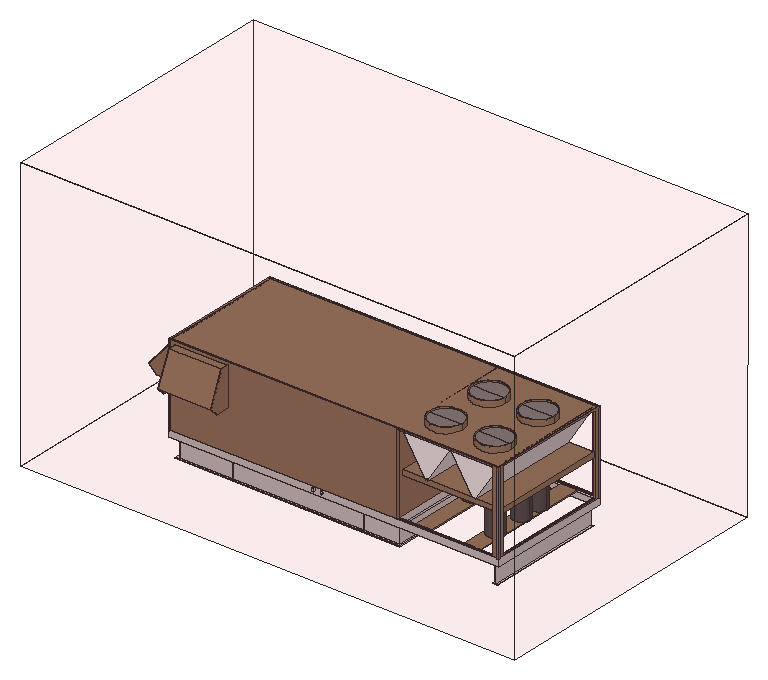
Revit family (continued)
Definition of nested family "Commercial_Comfort_Systems-Series_40-JCI-Condenser_Coil"
  Lines and regions (in)
    model lines, style "Condenser Coil", detail levels medium
      curve 21: line (-17.75, 42, 1) -> (-17.75, -42, 1)
      curve 22: line (-15.75, 42, 1) -> (-15.75, -42, 1)
      curve 23: line (15.75, 42, 1) -> (15.75, -42, 1)
      curve 24: line (17.75, 42, 1) -> (17.75, -42, 1)
      curve 25: line (0, -42, 24.86007) -> (0, 42, 24.86007)
  Dimensions and locks (in)
    "Height": plane 6 "Top" to plane 2 "Bottom"
    equal spacing: plane 8 "Back", plane 1 "Center (Front/Back)", plane 7 "Front"
    "Depth": plane 8 "Back" to plane 7 "Front"
    equal spacing: plane 5 "Right", plane 10, plane 3 "Center (Left/Right)", plane 9, plane 4
    "Width": plane 5 "Right" to plane 4
    equal spacing: plane 18, plane 5 "Right", plane 17
    equal spacing: plane 12, plane 10, plane 11
    equal spacing: plane 14, plane 3 "Center (Left/Right)", plane 13
    equal spacing: plane 16, plane 9, plane 15
    equal spacing: plane 19, plane 4, plane 20
    "Thickness": plane 20 to plane 19
    "Thickness": plane 15 to plane 16
    "Thickness": plane 13 to plane 14
    "Thickness": plane 11 to plane 12
    "Thickness": plane 18 to plane 17
    locked: plane 6 "Top" to plane 21 "Top Inset" at 1
    locked: plane 22 "Bottom Inset" to plane 2 "Bottom" at 1
    locked: plane 6 "Top" to plane 23 "Top of Angle" at 2.51493
    aligned and locked: level to plane 2 "Bottom"
    aligned and locked: plane 22 "Bottom Inset" to Extrusion 1 sketch curve  (x3)
    aligned and locked: plane 16 to Extrusion 1 sketch curve
    aligned and locked: plane 12 to Extrusion 1 sketch curve
    aligned and locked: plane 21 "Top Inset" to Extrusion 1 sketch curve  (x2)
    aligned and locked: plane 15 to Extrusion 1 sketch curve
    aligned and locked: plane 11 to Extrusion 1 sketch curve
    aligned and locked: Extrusion 1 sketch curve to plane 22 "Bottom Inset"
    aligned and locked: Extrusion 1 to plane 8 "Back"
    aligned and locked: Extrusion 1 to plane 7 "Front"
    aligned and locked: plane 19 to Masking region 1 sketch curve
    aligned and locked: plane 18 to Masking region 1 sketch curve
    aligned and locked: plane 8 "Back" to Masking region 1 sketch curve
    aligned and locked: plane 7 "Front" to Masking region 1 sketch curve
    aligned and locked: plane 2 "Bottom" to Masking region 2 sketch curve  (x2)
    aligned and locked: plane 16 to Masking region 2 sketch curve
    aligned and locked: plane 12 to Masking region 2 sketch curve
    aligned and locked: plane 11 to Masking region 2 sketch curve
    aligned and locked: plane 18 to Masking region 2 sketch curve
    aligned and locked: Masking region 2 sketch curve to plane 6 "Top"
    aligned and locked: plane 21 "Top Inset" to Masking region 2 sketch curve  (x2)
    aligned and locked: plane 22 "Bottom Inset" to Masking region 2 sketch curve  (x4)
    aligned and locked: plane 3 "Center (Left/Right)" to Masking region 2 sketch curve
    aligned and locked: plane 15 to Masking region 2 sketch curve
    aligned and locked: plane 19 to Masking region 2 sketch curve
    aligned and locked: plane 18 to Extrusion 1 sketch curve
    aligned and locked: plane 19 to Extrusion 1 sketch curve
    aligned and locked: Extrusion 1 sketch curve to plane 6 "Top"
    aligned and locked: plane 18 to curve 6
    aligned and locked: plane 18 to curve 1
    aligned and locked: plane 6 "Top" to curve 5
    aligned and locked: plane 6 "Top" to curve 7
    aligned and locked: plane 21 "Top Inset" to curve 7
    aligned and locked: plane 21 "Top Inset" to curve 5
    aligned and locked: plane 19 to curve 6
    aligned and locked: plane 19 to curve 1
    aligned and locked: curve 1 to plane 6 "Top"
    aligned and locked: curve 6 to plane 6 "Top"
    aligned and locked: plane 15 to curve 2
    aligned and locked: plane 12 to curve 3
    aligned and locked: plane 11 to curve 3
    aligned and locked: plane 11 to curve 10
    aligned and locked: curve 3 to plane 22 "Bottom Inset"
    aligned and locked: curve 10 to plane 22 "Bottom Inset"
    aligned and locked: plane 18 to curve 11
    aligned and locked: plane 22 "Bottom Inset" to curve 11
    aligned and locked: plane 12 to curve 12
    aligned and locked: plane 15 to curve 14
    aligned and locked: plane 22 "Bottom Inset" to curve 2
    aligned and locked: plane 19 to curve 13
    aligned and locked: plane 16 to curve 13
    aligned and locked: plane 3 "Center (Left/Right)" to curve 14
    aligned and locked: plane 18 to curve 15
    aligned and locked: plane 22 "Bottom Inset" to curve 15
    aligned and locked: plane 3 "Center (Left/Right)" to curve 17
    aligned and locked: plane 22 "Bottom Inset" to curve 17
    aligned and locked: plane 16 to curve 18
    aligned and locked: plane 19 to curve 18
    aligned and locked: plane 21 "Top Inset" to curve 18
    aligned and locked: plane 8 "Back" to curve 19
    aligned and locked: plane 8 "Back" to curve 24
    aligned and locked: plane 8 "Back" to curve 23
    aligned and locked: plane 8 "Back" to curve 22
    aligned and locked: plane 8 "Back" to curve 21
    aligned and locked: plane 8 "Back" to curve 20
    aligned and locked: plane 7 "Front" to curve 19
    aligned and locked: plane 7 "Front" to curve 24
    aligned and locked: plane 7 "Front" to curve 23
    aligned and locked: plane 7 "Front" to curve 22
    aligned and locked: plane 7 "Front" to curve 21
    aligned and locked: plane 7 "Front" to curve 20
    aligned and locked: plane 18 to curve 19
    aligned and locked: plane 11 to curve 24
    aligned and locked: curve 23 to plane 12
    aligned and locked: plane 15 to curve 22
    aligned and locked: curve 21 to plane 16
    aligned and locked: curve 20 to plane 19
    aligned and locked: plane 8 "Back" to curve 25
    aligned and locked: plane 7 "Front" to curve 25
    aligned and locked: curve 25 to plane 23 "Top of Angle"
    aligned and locked: Masking region 3 sketch curve to plane 6 "Top"
    aligned and locked: plane 8 "Back" to Masking region 3 sketch curve
    aligned and locked: plane 2 "Bottom" to Masking region 3 sketch curve
    aligned and locked: plane 7 "Front" to Masking region 3 sketch curve
  Automatic sketch dimensions
    Masking region 2 sketch curve to plane 21 "Top Inset" = 1.51493"
    Extrusion 1 sketch curve to plane 3 "Center (Left/Right)" = 0"
    Extrusion 1 sketch curve to plane 21 "Top Inset" = 1.51493"
    curve 13 to plane 22 "Bottom Inset" = 0"
    curve 8 to plane 21 "Top Inset" = 0"
    plane 21 "Top Inset" to curve 12 = 1.51493"
    curve 16 to plane 21 "Top Inset" = 1.51493"
Definition of nested family "Commercial_Comfort_Systems-Series_40-JCI-Compressor"
  Parameters (values of type "Compressor")
    Model = "Compressor"  # constant formula
    Manufacturer = "York"  # constant formula
    Cylinder Material = Metal - JCI - Cast Iron - Coated Black
    Assembly Code = ""
  Reference planes (in)
    plane 1 "Center (Front/Back)": y = 0
    plane 2 "Compressor Bottom": z = 0
    plane 3 "Center (Left/Right)": x = 0
    plane 4 "Compressor Top": z = 20
  Forms (in)
    Sweep 1, solid, material "Metal - JCI - Cast Iron - Coated Black" <- "Cylinder Material", detail levels fine
      path origin (0, 0, 0) x (1, 0, 0) y (0, 0, 1)
        loop
          line (0, 0) -> (0, 20)
      profile origin (0, 0, 10) x (-1, 0, 0) y (0, -1, 0)
        loop
          circle (0, 0) r 6
  Lines and regions (in)
    Masking region 1, detail levels fine
      outline origin (0, 0, 0) x (1, 0, 0) y (0, 0, 1)
        loop
          line (-6, 20) -> (-6, 0) -> (6, 0) -> (6, 20) -> (-6, 20)
    Masking region 2, detail levels fine
      outline origin (0, 0, 0) x (0, 1, 0) y (0, 0, 1)
        loop
          line (6, 20) -> (-6, 20) -> (-6, 0) -> (6, 0) -> (6, 20)
    model lines, style "Compressor Fine", detail levels medium
      curve 1: circle (0, 0, 20) r 6 normal (0, 0, 1)
      curve 2: circle (0, 0, 0) r 6 normal (0, 0, 1)
      curve 3: line (0, 6, 20) -> (0, 6, 0)
      curve 4: line (0, -6, 20) -> (0, -6, 0)
      curve 5: line (-6, 0, 20) -> (-6, 0, 0)
      curve 6: line (6, 0, 20) -> (6, 0, 0)
  Dimensions and locks (in)
    locked: curve 3 to plane 1 "Center (Front/Back)" at 6
    locked: plane 1 "Center (Front/Back)" to curve 4 at 6
    locked: curve 5 to plane 3 "Center (Left/Right)" at 6
    locked: plane 3 "Center (Left/Right)" to curve 6 at 6
    aligned and locked: plane 1 "Center (Front/Back)" to Sweep 1
    aligned and locked: curve 1 to Sweep 1
    aligned and locked: curve 2 to Sweep 1
    aligned and locked: plane 4 "Compressor Top" to curve 3
    aligned and locked: plane 4 "Compressor Top" to curve 4
    aligned and locked: plane 2 "Compressor Bottom" to curve 4
    aligned and locked: plane 2 "Compressor Bottom" to curve 3
    aligned and locked: plane 4 "Compressor Top" to curve 5
    aligned and locked: plane 4 "Compressor Top" to curve 6
    aligned and locked: plane 2 "Compressor Bottom" to curve 6
    aligned and locked: plane 2 "Compressor Bottom" to curve 5
    aligned and locked: Masking region 1 sketch curve to curve 5
    aligned and locked: Masking region 1 sketch curve to curve 1
    aligned and locked: curve 2 to Masking region 1 sketch curve
    aligned and locked: Masking region 1 sketch curve to curve 6
    aligned and locked: Masking region 2 sketch curve to plane 4 "Compressor Top"
    aligned and locked: plane 2 "Compressor Bottom" to Masking region 2 sketch curve
    aligned and locked: Masking region 2 sketch curve to curve 4
    aligned and locked: Masking region 2 sketch curve to curve 3
Definition of nested family "Commercial_Comfort_Systems-Series_40-JCI-Condenser_Fan_1"
  Parameters (values of type "Fan")
    Radius 2 = Radius - 1/4"  # 14 3/4"
    Radius = if(1 = 1, Diameter / 2, 1")  # 15"
    Height = 4"  # constant formula
    Frame Material = Paint - JCI - Powder Coated - Champagne
    Fan Blade Cover Material = Metal - JCI - Steel - Galvanized With Wood Nailer
    Diameter = 30"
    Assembly Code = ""
    30 inch fan = Diameter = 30"  # yes
  Reference planes (in)
    plane 1 "Center (Front/Back)": y = 0
    plane 2 "Bottom": z = 0
    plane 3 "Center (Left/Right)": x = 0
    plane 4 "Back": y = 15
    plane 5 "Front": y = -15
    plane 6 "Left": x = -15
    plane 7 "Right": x = 15
    plane 8 "Top": z = 4
    plane 9 "Right Inset": x = 14.75
    plane 10 "Top Inset": z = 3.5
  Forms (in)
    Revolve 1, solid, material "Metal - JCI - Steel - Galvanized With Wood Nailer" <- "Fan Blade Cover Material", detail levels fine
      sketch origin (0, 0, 0) x (1, 0, 0) y (0, 0, 1)
        loop
          line (0, 3.5) -> (0, 0) -> (14.75, 0) -> (14.75, 3.5) -> (0, 3.5)
        axis (0, 3.5) -> (0, 0)
      angle from 0 to 360
    Revolve 2, solid, material "Paint - JCI - Powder Coated - Champagne" <- "Frame Material", detail levels fine
      sketch origin (0, 0, 0) x (1, 0, 0) y (0, 0, 1)
        loop
          line (14.75, 0) -> (15, 0) -> (15, 4) -> (14.75, 4) -> (14.75, 0)
        axis (0, 4) -> (0, 0)
      angle from 0 to 360
    Revolve 3, solid, material "Paint - JCI - Powder Coated - Champagne" <- "Frame Material", detail levels medium
      sketch origin (0, 0, 0) x (1, 0, 0) y (0, 0, 1)
        loop
          line (0, 4) -> (0, 0) -> (15, 0) -> (15, 4) -> (0, 4)
        axis (0, 4) -> (0, 0)
      angle from 0 to 360
  Lines and regions (in)
    Masking region 1
      outline origin (0, 0, 0) x (1, 0, 0) y (0, 1, 0)
        loop
          circle (0, 0) r 15
    Masking region 2
      outline origin (0, 0, 0) x (1, 0, 0) y (0, 0, 1)
        loop
          line (-15, 4) -> (-15, 0) -> (15, 0) -> (15, 4) -> (-15, 4)
    Masking region 3
      outline origin (0, 0, 0) x (0, 1, 0) y (0, 0, 1)
        loop
          line (-15, 4) -> (-15, 0) -> (15, 0) -> (15, 4) -> (-15, 4)
    model lines, style "Fan Fine", detail levels coarse
      curve 1: circle (0, 0, 0) r 15 normal (0, 0, 1)
      curve 2: circle (0, 0, 4) r 15 normal (0, 0, 1)
      curve 3: line (15, 0, 4) -> (15, 0, 0)
      curve 4: line (-15, 0, 4) -> (-15, 0, 0)
      curve 5: line (0, 15, 4) -> (0, 15, 0)
      curve 6: line (0, -15, 4) -> (0, -15, 0)
    symbolic lines, style "Fan Fine", detail levels fine
      curve 7: circle (0, 0, 0) r 14.75 normal (0, 0, 1)
  Dimensions and locks (in)
    equal spacing: plane 5 "Front", plane 1 "Center (Front/Back)", plane 4 "Back"
    "Diameter": plane 5 "Front" to plane 4 "Back"
    equal spacing: plane 6 "Left", plane 3 "Center (Left/Right)", plane 7 "Right"
    "Diameter": plane 6 "Left" to plane 7 "Right"
    "Height": plane 8 "Top" to plane 2 "Bottom"
    locked: plane 9 "Right Inset" to plane 7 "Right" at 0.25
    locked: plane 8 "Top" to plane 10 "Top Inset" at 0.5
    "Radius": plane 3 "Center (Left/Right)" to curve 1
    "Radius": curve 1 to plane 1 "Center (Front/Back)"
    "Radius": curve 2 to plane 1 "Center (Front/Back)"
    "Radius": plane 3 "Center (Left/Right)" to curve 2
    "Radius": plane 3 "Center (Left/Right)" to Masking region 1 sketch curve
    "Radius": plane 1 "Center (Front/Back)" to Masking region 1 sketch curve
    "Radius 2": plane 3 "Center (Left/Right)" to curve 7
    "Radius 2": plane 1 "Center (Front/Back)" to curve 7
    "Radius": radius of curve 1
    "Radius": radius of curve 2
    "Radius": radius of Masking region 1 sketch curve
    "Radius 2": radius of curve 7
    aligned and locked: Revolve 1 sketch curve to plane 3 "Center (Left/Right)"
    aligned and locked: Revolve 1 sketch curve to Revolve 1 sketch curve
    aligned and locked: plane 2 "Bottom" to Revolve 1 sketch curve
    aligned and locked: Revolve 2 sketch curve to plane 3 "Center (Left/Right)"
    aligned and locked: Revolve 2 sketch curve to plane 8 "Top"
    aligned and locked: plane 2 "Bottom" to Revolve 2 sketch curve
    aligned and locked: plane 7 "Right" to Revolve 2 sketch curve
    aligned and locked: Revolve 2 sketch curve to plane 9 "Right Inset"
    aligned and locked: plane 9 "Right Inset" to Revolve 1 sketch curve
    aligned and locked: Revolve 1 sketch curve to plane 10 "Top Inset"
    aligned and locked: Revolve 3 sketch curve to plane 3 "Center (Left/Right)"
    aligned and locked: Revolve 3 sketch curve to Revolve 3 sketch curve
    aligned and locked: plane 2 "Bottom" to Revolve 3 sketch curve
    aligned and locked: plane 7 "Right" to Revolve 3 sketch curve
    aligned and locked: Revolve 3 sketch curve to plane 8 "Top"
    aligned and locked: plane 2 "Bottom" to curve 3
    aligned and locked: plane 2 "Bottom" to curve 4
    aligned and locked: plane 8 "Top" to curve 3
    aligned and locked: plane 8 "Top" to curve 4
    aligned and locked: plane 7 "Right" to curve 3
    aligned and locked: curve 4 to plane 6 "Left"
    aligned and locked: plane 2 "Bottom" to curve 5
    aligned and locked: plane 8 "Top" to curve 5
    aligned and locked: plane 2 "Bottom" to curve 6
    aligned and locked: plane 8 "Top" to curve 6
    aligned and locked: curve 5 to plane 4 "Back"
    aligned and locked: plane 5 "Front" to curve 6
    aligned and locked: Masking region 2 sketch curve to plane 8 "Top"
    aligned and locked: plane 2 "Bottom" to Masking region 2 sketch curve
    aligned and locked: plane 7 "Right" to Masking region 2 sketch curve
    aligned and locked: plane 6 "Left" to Masking region 2 sketch curve
    aligned and locked: Masking region 3 sketch curve to plane 8 "Top"
    aligned and locked: Masking region 3 sketch curve to plane 4 "Back"
    aligned and locked: plane 2 "Bottom" to Masking region 3 sketch curve
    aligned and locked: Masking region 3 sketch curve to plane 5 "Front"
  Automatic sketch dimensions
    Revolve 1 sketch curve to level = 24"
    Revolve 1 sketch curve to Revolve 1 sketch curve = 87.70035"
    Revolve 2 sketch curve to level = 24"
    plane 8 "Top" to Revolve 2 sketch curve = 87.20035"
    Revolve 3 sketch curve to level = 24"
    Revolve 3 sketch curve to Revolve 3 sketch curve = 87.20035"
Definition of nested family "Commercial_Comfort_Systems-Series_40-JCI-Screen_Door_Detail"
  Parameters (values of type "Screen")
    Width = 32"
    Depth = 34"
    Assembly Code = ""
  Reference planes (in)
    plane 1 "Center (Front/Back)": y = 0
    plane 2: z = 0
    plane 3 "Center (Left/Right)": x = 0
    plane 4 "Left": x = -16
    plane 5 "Back": y = 17
    plane 6 "Right": x = 16
    plane 7 "Front": y = -17
  Lines and regions (in)
    Filled region 1, type "Concrete Block", in view "Ref. Level"
      outline origin (0, 0, 0) x (1, 0, 0) y (0, 1, 0)
        loop
          line (-16, 17) -> (-16, -17) -> (16, -17) -> (16, 17) -> (-16, 17)
  Dimensions and locks (in)
    equal spacing: plane 7 "Front", plane 1 "Center (Front/Back)", plane 5 "Back"
    "Depth": plane 7 "Front" to plane 5 "Back"
    equal spacing: plane 4 "Left", plane 3 "Center (Left/Right)", plane 6 "Right"
    "Width": plane 4 "Left" to plane 6 "Right"
    aligned and locked: Filled region 1 sketch curve to plane 4 "Left"
    aligned and locked: Filled region 1 sketch curve to plane 5 "Back"
    aligned and locked: Filled region 1 sketch curve to plane 6 "Right"
    aligned and locked: Filled region 1 sketch curve to plane 7 "Front"
